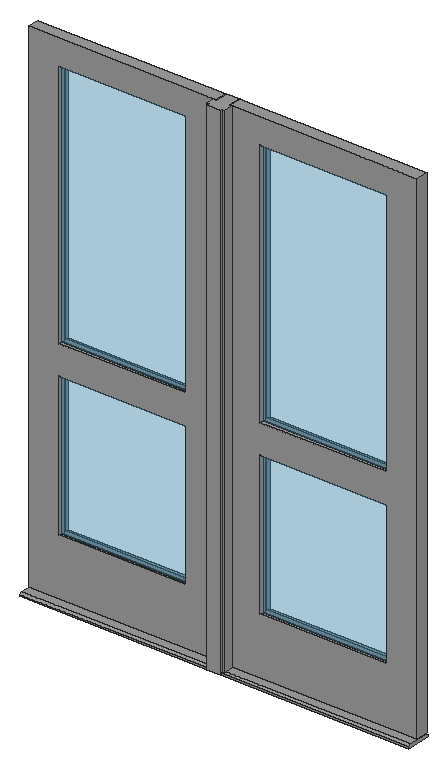
Revit family "WS-500TC-DOOR-Double-1-PD-CJB-SF_v04", category Curtain Panels, Revit 2015
Parameters
  Width [instance] = 6' - 2"
  URL = "obe.com"
  Rough Width [instance] = 6' - 0"
  Offset [instance] = 0' - 0"
  Model = "WS-500TC DOOR"
  Min Panel Width [instance] = if(Rough Width > 6' 2 1/2", Rough Width, 6' 2 1/2")  # 6' - 2 1/2"
  Manufacturer = "Oldcastle BuildingEnvelope®"
  Keynote = "08 11 00"
  Height [instance] = 8' - 0"
  Pushbar Height [instance] = 3' - 5 1/4"  # constant formula
  Glass Material = Glass
  Frame Material = Aluminum
  Door Panel Height [instance] = Height + 0' 0 23/32"  # 8' - 0 23/32"
  Description = "WS-500TC 1 Door Infill"
  Assembly Code = "B2030"
  Analytic Construction = "<None>"
  8 Muntin [instance] = not([4 Muntin])  # no
  4 Muntin [instance] = yes
  8 Bottom Rail [instance] = no
  10 Bottom Rail [instance] = not([8 Bottom Rail])  # yes
Reference planes (in)
  plane 1 "Front": y = 0
  plane 2: z = 0
  plane 3 "Center (Left/Right)": x = 0
  plane 4 "Left": x = -37
  plane 5 "Right": x = 37
  plane 6 "Top": z = 96
  plane 7: x = -37.25
  plane 8: x = 37.25
Text (in)
  text "Exterior" at (-54.29358, 31.38743, 0), in view "Ref. Level"
  text "Exterior" at (480, 41.53993, 89.60405), in view "Right"
  text "Exterior" at (-240, 57.82419, 105.78864), in view "Left"
Dimensions and locks (in)
  equal spacing: plane 4 "Left", plane 3 "Center (Left/Right)", plane 5 "Right"
  "Width": plane 4 "Left" to plane 5 "Right"
  "Height": plane 6 "Top" to plane 2
  equal spacing: plane 7, plane 3 "Center (Left/Right)", plane 8
  "Min Panel Width": plane 7 to plane 8
  aligned and locked: level to plane 2
  aligned and locked: plane 3 "Center (Left/Right)" to nested 1
  aligned and locked: plane 1 "Front" to nested 1
Nested families (in)
  nested 1: "WS-500TC-DOOR-Double-1-CJB-Panel_v03" at (0, -15, 0), Frame Material <- "Frame Material", Glass Material <- "Glass Material", 4 Muntin <- "4 Muntin", 8 Muntin <- "8 Muntin", 8 Bottom Rail <- "8 Bottom Rail", Width <- "Min Panel Width", Height <- "Door Panel Height", Offset <- "Offset", type "WS-500TC-DOOR-Double-1-CJB-Panel_v03"
    with Wing Width 3' - 1 1/4", built-in parameter 1001301 6' - 2 1/2", Pushbar Height 3' - 5 1/4", Offset 0' - 0", built-in parameter 1001300 8' - 0 23/32", Glass at Muntin 0' - 4 9/16", Glass Material Glass, Frame Material Aluminum, Bottom Rail 0' - 10 29/32", 8 Muntin no, 8 Bottom Rail no, 4 Muntin yes, 10 Bottom Rail yes
Definition of nested family "WS-500TC-DOOR-Double-1-CJB-Panel_v03"
  Parameters (values of type "WS-500TC-DOOR-Double-1-CJB-Panel_v03")
    Wing Width [instance] = Width / 2  # 3' - 0"
    Width [instance] = 6' - 0"
    Pushbar Height [instance] = 3' - 5 1/4"  # constant formula
    Offset [instance] = 0' - 10.82539"
    Height [instance] = 8' - 0"
    Glass at Muntin [instance] = if([4 Muntin], 0' 4 9/16", 0' 8 9/16")  # 0' - 8 9/16"
    Glass Material [instance] = none
    Frame Material [instance] = none
    Bottom Rail [instance] = if([10 Bottom Rail], 0' 10 29/32", 0' 8 29/32")  # 0' - 8 29/32"
    8 Muntin [instance] = not([4 Muntin])  # yes
    10 Bottom Rail [instance] = not([8 Bottom Rail])  # no
    4 Muntin [instance] = no
    8 Bottom Rail [instance] = yes
  Reference planes (in)
    plane 1 "00": y = 3.04961
    plane 2: z = 0
    plane 3 "Center (Left/Right)": x = 0
    plane 4: z = 96
    plane 5: x = -36
    plane 6: x = 36
    plane 7 "Center (Front/Back)": y = 15
    plane 8 "Exterior": y = 3.54961
    plane 9: z = 48
    plane 10: z = 8.90625
    plane 11: z = 45.53125
    plane 12: z = 36.96875
    plane 13: z = 90.94129
    plane 14: z = 0
    plane 15: x = -30.31629
    plane 16: x = 30.31629
    plane 17 "Offset": y = 4.17461
    plane 18: z = 41.25
  Forms (in)
    Sweep 1, solid, material <- "Frame Material"
      path origin (0, 3.04961, 0) x (1, 0, 0) y (0, 0, 1)
        loop
          line (-35.65625, 96) -> (-1.25, 96)
      profile origin (-18.45312, 3.04961, 96) x (0, 0, 1) y (0, -1, 0)
        loop
          line (-0.71875, -1.12355) -> (-0.71875, 1.12745) -> (-5.46871, 1.12745) -> (-5.46871, 0.5) -> (-5.05871, 0.5) -> (-5.05871, -0.5) -> (-5.46871, -0.5) -> (-5.46871, -1.12355) -> (-0.71875, -1.12355)
    Sweep 2, solid, material <- "Frame Material"
      path origin (0, 3.04961, 0) x (1, 0, 0) y (0, 0, 1)
        loop
          line (-1.75, 0) -> (-35.65625, 0)
      profile origin (-18.70312, 3.04961, 0) x (0, 0, -1) y (0, -1, 0)
        loop
          line (-4.93343, -1.12355) -> (-0.68754, -1.12355) -> (-0.68754, 1.12745) -> (-4.93343, 1.12745) -> (-9.4375, 1.12745) -> (-9.4375, 0.5) -> (-8.90625, 0.5) -> (-8.90625, -0.5) -> (-9.4375, -0.5) -> (-9.4375, -1.12355) -> (-4.93343, -1.12355)
    Sweep 3, solid, material <- "Frame Material"
      path origin (0, 3.04961, 0) x (1, 0, 0) y (0, 0, 1)
        loop
          line (36, 95.28125) -> (36, 0.68754)
      profile origin (36, 3.04961, 47.9844) x (0, -1, 0) y (1, 0, 0)
        loop
          line (-1.12356, -0.34375) -> (-1.12356, -6.09371) -> (-0.5, -6.09371) -> (-0.5, -5.68371) -> (0.5, -5.68371) -> (0.5, -6.09371) -> (1.12745, -6.09371) -> (1.12745, -0.34375) -> (-1.12356, -0.34375)
    Sweep 4, solid, material <- "Frame Material"
      path origin (0, 3.04961, 0) x (1, 0, 0) y (0, 0, 1)
        loop
          line (-36, 95.28125) -> (-36, 0.68754)
      profile origin (-36, 3.04961, 47.9844) x (0, -1, 0) y (1, 0, 0)
        loop
          line (-1.12355, 6.09371) -> (-1.12355, 0.34375) -> (1.12747, 0.34375) -> (1.12747, 6.09371) -> (0.50002, 6.09371) -> (0.50002, 5.68371) -> (-0.49998, 5.68371) -> (-0.49998, 6.09371) -> (-1.12355, 6.09371)
    Sweep 5, solid, material <- "Frame Material"
      path origin (0, 3.04961, 0) x (1, 0, 0) y (0, 0, 1)
        loop
          line (-6.68396, 48) -> (-30.31629, 48)
      profile origin (-18.50012, 3.04961, 48) x (0, 0, -1) y (0, -1, 0)
        loop
          line (1.93679, -0.5) -> (1.93679, -1.12355) -> (11.43671, -1.12355) -> (11.43671, -0.5) -> (11.03125, -0.5) -> (11.03125, 0.5) -> (11.43671, 0.5) -> (11.43671, 1.12745) -> (1.93679, 1.12745) -> (1.93679, 0.5) -> (2.46875, 0.5) -> (2.46875, -0.5) -> (1.93679, -0.5)
    Sweep 6, solid, material <- "Frame Material"
      path origin (0, 3.04961, 0) x (1, 0, 0) y (0, 0, 1)
        loop
          line (0, 95.28125) -> (0, 0.68754)
      profile origin (0, 3.04961, 47.9844) x (0, -1, 0) y (1, 0, 0)
        loop
          line (-1.12355, -7.09396) -> (-0.49913, -7.09396) -> (-0.49913, -6.68396) -> (0.50087, -6.68396) -> (0.50087, -7.09396) -> (1.12745, -7.09396) -> (1.12745, -1.25) -> (-1.12355, -1.25) -> (-1.12355, -7.09396)
        loop
          line (1.12778, 7.09396) -> (0.5, 7.09396) -> (0.5, 6.68396) -> (-0.5, 6.68396) -> (-0.5, 7.09396) -> (-1.12356, 7.09396) -> (-1.12356, 1.25) -> (1.12778, 1.25) -> (1.12778, 7.09396)
    Sweep 7, solid, material <- "Frame Material"
      path origin (0, 3.04961, 0) x (1, 0, 0) y (0, 0, 1)
        loop
          line (1.25, 96) -> (35.65625, 96)
      profile origin (18.45313, 3.04961, 96) x (0, 0, 1) y (0, -1, 0)
        loop
          line (-0.71875, -1.12355) -> (-0.71875, 1.12745) -> (-3.83589, 1.12745) -> (-5.46871, 1.12745) -> (-5.46871, 0.5) -> (-5.05871, 0.5) -> (-5.05871, -0.5) -> (-5.46871, -0.5) -> (-5.46871, -1.12355) -> (-3.83589, -1.12355) -> (-0.71875, -1.12355)
    Sweep 8, solid, material <- "Frame Material"
      path origin (0, 3.04961, 0) x (1, 0, 0) y (0, 0, 1)
        loop
          line (30.31629, 48) -> (6.68396, 48)
      profile origin (18.50013, 3.04961, 48) x (0, 0, -1) y (0, -1, 0)
        loop
          line (1.93679, -0.5) -> (1.93679, -1.12355) -> (11.43671, -1.12355) -> (11.43671, -0.5) -> (11.03125, -0.5) -> (11.03125, 0.5) -> (11.43671, 0.5) -> (11.43671, 1.12745) -> (1.93679, 1.12745) -> (1.93679, 0.5) -> (2.46875, 0.5) -> (2.46875, -0.5) -> (1.93679, -0.5)
    Sweep 9, solid, material <- "Frame Material"
      path origin (0, 3.04961, 0) x (1, 0, 0) y (0, 0, 1)
        loop
          line (35.65625, 0) -> (1.75, 0)
      profile origin (18.70313, 3.04961, 0) x (0, 0, -1) y (0, -1, 0)
        loop
          line (-3.49593, -1.12355) -> (-0.68754, -1.12355) -> (-0.68754, 1.12745) -> (-9.4375, 1.12745) -> (-9.4375, 0.5) -> (-8.90625, 0.5) -> (-8.90625, -0.5) -> (-9.4375, -0.5) -> (-9.4375, -1.12355) -> (-3.49593, -1.12355)
    Extrusion 10, solid, material <- "Glass Material", detail levels coarse
      sketch origin (0, 0, 0) x (1, 0, 0) y (0, 1, 0)
        loop
          line (6.68396, 3.54961) -> (6.68396, 2.54961) -> (30.31629, 2.54961) -> (30.31629, 3.54961) -> (6.68396, 3.54961)
      from 36.96875 to 8.90625
    Extrusion 11, solid, material <- "Glass Material", detail levels medium+fine
      sketch origin (0, 0, 0) x (1, 0, 0) y (0, 1, 0)
        loop
          line (6.68396, 2.54961) -> (30.31629, 2.54961) -> (30.31629, 2.79761) -> (6.68396, 2.79761) -> (6.68396, 2.54961)
        loop
          line (30.31629, 3.54961) -> (6.68396, 3.54961) -> (6.68396, 3.30161) -> (30.31629, 3.30161) -> (30.31629, 3.54961)
      from 8.90625 to 36.96875
    Extrusion 12, solid, material <- "Glass Material", detail levels medium+fine
      sketch origin (0, 0, 0) x (1, 0, 0) y (0, 1, 0)
        loop
          line (6.68396, 3.54961) -> (6.68396, 3.30161) -> (30.31629, 3.30161) -> (30.31629, 3.54961) -> (6.68396, 3.54961)
        loop
          line (30.31629, 2.54961) -> (30.31629, 2.79761) -> (6.68396, 2.79761) -> (6.68396, 2.54961) -> (30.31629, 2.54961)
      from 45.53125 to 90.94129
    Extrusion 13, solid, material <- "Glass Material", detail levels coarse
      sketch origin (0, 0, 0) x (1, 0, 0) y (0, 1, 0)
        loop
          line (6.68396, 3.54961) -> (6.68396, 2.54961) -> (30.31629, 2.54961) -> (30.31629, 3.54961) -> (6.68396, 3.54961)
      from 45.53125 to 90.94129
    Extrusion 14, solid, material <- "Glass Material", detail levels medium+fine
      sketch origin (0, 0, 0) x (1, 0, 0) y (0, 1, 0)
        loop
          line (-30.31629, 2.54961) -> (-6.68396, 2.54961) -> (-6.68396, 2.79761) -> (-30.31629, 2.79761) -> (-30.31629, 2.54961)
        loop
          line (-6.68396, 3.54961) -> (-30.31629, 3.54961) -> (-30.31629, 3.30161) -> (-6.68396, 3.30161) -> (-6.68396, 3.54961)
      from 8.90625 to 36.96875
    Extrusion 15, solid, material <- "Glass Material", detail levels coarse
      sketch origin (0, 0, 0) x (1, 0, 0) y (0, 1, 0)
        loop
          line (-30.31629, 3.54961) -> (-30.31629, 2.54961) -> (-6.68396, 2.54961) -> (-6.68396, 3.54961) -> (-30.31629, 3.54961)
      from 45.53125 to 90.94129
    Extrusion 16, solid, material <- "Glass Material", detail levels coarse
      sketch origin (0, 0, 0) x (1, 0, 0) y (0, 1, 0)
        loop
          line (-30.31629, 3.54961) -> (-30.31629, 2.54961) -> (-6.68396, 2.54961) -> (-6.68396, 3.54961) -> (-30.31629, 3.54961)
      from 8.90625 to 36.96875
    Extrusion 17, solid, material <- "Glass Material", detail levels medium+fine
      sketch origin (0, 0, 0) x (1, 0, 0) y (0, 1, 0)
        loop
          line (-30.31629, 3.54961) -> (-30.31629, 3.30161) -> (-6.68396, 3.30161) -> (-6.68396, 3.54961) -> (-30.31629, 3.54961)
        loop
          line (-30.31629, 2.79761) -> (-30.31629, 2.54961) -> (-6.68396, 2.54961) -> (-6.68396, 2.79761) -> (-30.31629, 2.79761)
      from 45.53125 to 90.94129
    Sweep 18, solid, material <- "Frame Material"
      path origin (-19, 3.04961, 0) x (1, 0, 0) y (0, 0, 1)
        loop
          line (19, 95.28125) -> (19, 0)
      profile origin (0, 3.04961, 47.64062) x (0, -1, 0) y (1, 0, 0)
        loop
          line (3.25145, 1.25) -> (2.83945, 1.25) -> (2.83945, 1.75) -> (1.12745, 1.75) -> (1.12745, 1.25) -> (-1.24855, 1.25) -> (-1.24855, -1.25) -> (1.12745, -1.25) -> (1.12745, -1.75) -> (2.83945, -1.75) -> (2.83945, -1.25) -> (3.25145, -1.25) -> (3.25145, 1.25)
    Sweep 19, solid, material <- "Frame Material"
      path origin (0, 4.17461, 0) x (1, 0, 0) y (0, 0, 1)
        loop
          line (-1.25, 0) -> (-35.65625, 0)
      profile origin (-18.45312, 4.17461, 0) x (0, 0, -1) y (0, -1, 0)
        loop
          line (-0.49954, 3.75746) -> (-0.49954, 0.25744) -> (-0.24955, -0.24255) -> (0, -0.24255) -> (0, 4.25745) -> (-0.24955, 4.25745) -> (-0.49954, 3.75746)
    Sweep 20, solid, material <- "Frame Material"
      path origin (0, 4.17461, 0) x (1, 0, 0) y (0, 0, 1)
        loop
          line (35.65625, 0) -> (1.25, 0)
      profile origin (18.45313, 4.17461, 0) x (0, 0, -1) y (0, -1, 0)
        loop
          line (-0.49954, 3.75746) -> (-0.49954, 0.25744) -> (-0.24955, -0.24255) -> (0, -0.24255) -> (0, 4.25745) -> (-0.24955, 4.25745) -> (-0.49954, 3.75746)
  Cuts and joins
    joined: Sweep 1, Sweep 2, Sweep 3, Sweep 4, Sweep 5, Sweep 6, Sweep 7, Sweep 8, Sweep 9
    joined: Sweep 18, Sweep 19, Sweep 20
  Lines and regions (in)
    model lines
      curve 1: line (7.09396, 3.54961, 90.53129) -> (29.91108, 3.54961, 48)
      curve 2: line (29.91108, 3.54961, 48) -> (7.09396, 3.54961, 9.4375)
      curve 3: line (-7.09396, 3.54961, 90.54626) -> (-29.91108, 3.54961, 48)
      curve 4: line (-29.91108, 3.54961, 48) -> (-7.09396, 3.54961, 9.4375)
  Dimensions and locks (in)
    "Height": plane 4 to level
    equal spacing: plane 5, plane 3 "Center (Left/Right)", plane 6
    "Offset": plane 17 "Offset" to plane 7 "Center (Front/Back)"
    plane 1 "00" to plane 8 "Exterior" to plane 17 "Offset" = 0' - 0 1/2" locked, 0' - 0 5/8" locked
    equal spacing: level, plane 9, plane 4
    locked: plane 3 "Center (Left/Right)" to Sweep 2 sketch curve at 1.75
    locked: Sweep 3 sketch curve to plane 4 at 0.71875
    locked: Sweep 4 sketch curve to plane 4 at 0.71875
    locked: plane 3 "Center (Left/Right)" to Sweep 1 sketch curve at 1.25
    locked: plane 3 "Center (Left/Right)" to Sweep 5 sketch curve at 6.68396
    locked: Sweep 7 sketch curve to plane 3 "Center (Left/Right)" at 1.25
    locked: Sweep 8 sketch curve to plane 3 "Center (Left/Right)" at 6.68396
    locked: Sweep 9 sketch curve to plane 3 "Center (Left/Right)" at 1.75
    locked: Sweep 6 sketch curve to plane 4 at 0.71875
    plane 12 to Sweep 8 sketch curve = 0' - 0.40546"  (x2)
    Sweep 8 sketch curve to plane 11 = 0' - 0.53196"  (x2)
    locked: Sweep 9 sketch curve to plane 10 at 0.53125  (x2)
    locked: Sweep 2 sketch curve to plane 10 at 0.53125  (x2)
    locked: Sweep 5 sketch curve to plane 11 at 0.53196  (x2)
    locked: plane 12 to Sweep 5 sketch curve at 0.40546  (x2)
    equal spacing: plane 4, plane 9, plane 14
    plane 4 to plane 13 = 0' - 5.05871"
    Extrusion 14 sketch curve to Extrusion 14 sketch curve to plane 1 "00" to Extrusion 14 sketch curve to Extrusion 14 sketch curve = 0' - 0.248" locked, 0' - 0.252" locked, 0' - 0.252" locked, 0' - 0.248" locked
    Extrusion 16 sketch curve to plane 1 "00" to Extrusion 16 sketch curve = 0' - 0 1/2" locked, 0' - 0 1/2" locked
    Extrusion 17 sketch curve to Extrusion 17 sketch curve to plane 1 "00" to Extrusion 17 sketch curve to Extrusion 17 sketch curve = 0' - 0.248" locked, 0' - 0.252" locked, 0' - 0.252" locked, 0' - 0.248" locked
    Extrusion 15 sketch curve to plane 1 "00" to Extrusion 15 sketch curve = 0' - 0 1/2" locked, 0' - 0 1/2" locked
    Extrusion 13 sketch curve to plane 1 "00" to Extrusion 13 sketch curve = 0' - 0 1/2" locked, 0' - 0 1/2" locked
    Extrusion 12 sketch curve to Extrusion 12 sketch curve to plane 1 "00" to Extrusion 12 sketch curve to Extrusion 12 sketch curve = 0' - 0.248" locked, 0' - 0.252" locked, 0' - 0.252" locked, 0' - 0.248" locked
    Extrusion 11 sketch curve to Extrusion 11 sketch curve to plane 1 "00" to Extrusion 11 sketch curve to Extrusion 11 sketch curve = 0' - 0.248" locked, 0' - 0.252" locked, 0' - 0.252" locked, 0' - 0.248" locked
    Extrusion 10 sketch curve to plane 1 "00" to Extrusion 10 sketch curve = 0' - 0 1/2" locked, 0' - 0 1/2" locked
    "Bottom Rail": plane 10 to plane 14
    "Glass at Muntin": plane 11 to plane 12
    locked: plane 5 to plane 15 at 5.68371
    locked: plane 16 to plane 6 at 5.68371
    "Width": plane 5 to plane 6
    locked: Sweep 1 sketch curve to plane 5 at 0.34375
    locked: plane 6 to Sweep 7 sketch curve at 0.34375
    locked: plane 6 to Sweep 9 sketch curve at 0.34375
    locked: Sweep 2 sketch curve to plane 5 at 0.34375
    locked: plane 4 to Sweep 18 sketch curve at 0.71875
    equal spacing: plane 11, plane 18, plane 12
    "Pushbar Height": plane 18 to plane 14
    locked: Sweep 19 sketch curve to plane 5 at 0.34375
    locked: plane 3 "Center (Left/Right)" to Sweep 19 sketch curve at 1.25
    locked: plane 6 to Sweep 20 sketch curve at 0.34375
    locked: Sweep 20 sketch curve to plane 3 "Center (Left/Right)" at 1.25
    locked: plane 14 to Sweep 3 sketch curve at 0.68754
    locked: plane 14 to Sweep 6 sketch curve at 0.68754
    locked: plane 14 to Sweep 4 sketch curve at 0.68754
    aligned and locked: plane 2 to level
    aligned and locked: Sweep 1 sketch curve to plane 4
    aligned and locked: Sweep 2 sketch curve to level
    aligned and locked: Sweep 5 sketch curve to plane 9
    aligned and locked: plane 3 "Center (Left/Right)" to Sweep 6 sketch curve
    aligned and locked: Sweep 9 sketch curve to level
    aligned and locked: Sweep 8 sketch curve to plane 9
    aligned and locked: plane 4 to Sweep 7 sketch curve
    aligned and locked: Sweep 8 sketch curve to plane 11
    aligned and locked: plane 12 to Sweep 8 sketch curve
    aligned and locked: plane 10 to cut or joined group of Sweep 1, Sweep 2, Sweep 3, Sweep 4, Sweep 5, Sweep 6, Sweep 7, Sweep 8, Sweep 9
    aligned and locked: Extrusion 14 to plane 10
    aligned and locked: plane 12 to Extrusion 14
    aligned and locked: Extrusion 15 to plane 11
    aligned and locked: plane 13 to Extrusion 15
    aligned and locked: Extrusion 17 to plane 11
    aligned and locked: plane 13 to Extrusion 17
    aligned and locked: Extrusion 16 to plane 10
    aligned and locked: plane 12 to Extrusion 16
    aligned and locked: Extrusion 12 to plane 11
    aligned and locked: plane 11 to cut or joined group of Sweep 1, Sweep 2, Sweep 3, Sweep 4, Sweep 5, Sweep 6, Sweep 7, Sweep 8, Sweep 9
    aligned and locked: cut or joined group of Sweep 1, Sweep 2, Sweep 3, Sweep 4, Sweep 5, Sweep 6, Sweep 7, Sweep 8, Sweep 9 to plane 13
    aligned and locked: plane 13 to Extrusion 12
    aligned and locked: plane 13 to Extrusion 13
    aligned and locked: Extrusion 13 to plane 11
    aligned and locked: plane 12 to Extrusion 10
    aligned and locked: plane 12 to Extrusion 11
    aligned and locked: Extrusion 11 to plane 10
    aligned and locked: Extrusion 10 to plane 10
    aligned and locked: Sweep 7 sketch curve to plane 13
    aligned and locked: plane 11 to Sweep 5 sketch curve
    aligned and locked: Sweep 5 sketch curve to plane 12
    aligned and locked: plane 10 to Sweep 2 sketch curve
    aligned and locked: Sweep 1 sketch curve to plane 13
    aligned and locked: plane 9 to curve 4
    aligned and locked: Extrusion 17 sketch curve to plane 15  (x2)
    aligned and locked: Extrusion 15 sketch curve to plane 15
    aligned and locked: Extrusion 13 sketch curve to plane 16
    aligned and locked: Extrusion 12 sketch curve to plane 16  (x2)
    aligned and locked: Sweep 3 sketch curve to plane 6
    aligned and locked: Sweep 4 sketch curve to plane 5
    aligned and locked: Extrusion 16 to plane 15
    aligned and locked: Extrusion 14 to plane 15  (x2)
    aligned and locked: plane 16 to Extrusion 11  (x2)
    aligned and locked: plane 16 to Extrusion 10
    aligned and locked: plane 15 to Sweep 5 sketch curve
    aligned and locked: plane 16 to Sweep 8 sketch curve
    aligned and locked: plane 9 to curve 2
    aligned and locked: Sweep 18 sketch curve to plane 3 "Center (Left/Right)"
    aligned and locked: Sweep 19 sketch curve to plane 14
    aligned and locked: Sweep 20 sketch curve to plane 14
  Automatic sketch dimensions
    Sweep 1 sketch curve to Sweep 1 sketch curve = 0' - 0.41"  (x2)
    profile plane to Sweep 1 sketch curve = 0' - 0 23/32"
    Sweep 1 sketch curve to plane 1 "00" = 0' - 1.12355"
    Sweep 1 sketch curve to plane 1 "00" = 0' - 0 1/2"
    plane 1 "00" to Sweep 1 sketch curve = 0' - 0 1/2"
    plane 1 "00" to Sweep 1 sketch curve = 0' - 1.12745"
    Sweep 2 sketch curve to plane 1 "00" = 0' - 1.12355"
    Sweep 2 sketch curve to Sweep 2 sketch curve = 0' - 3.97282"
    Sweep 2 sketch curve to Sweep 2 sketch curve = 0' - 0"
    Sweep 2 sketch curve to plane 1 "00" = 0' - 0 1/2"
    plane 1 "00" to Sweep 2 sketch curve = 0' - 0 1/2"
    plane 1 "00" to Sweep 2 sketch curve = 0' - 1.12745"
    Sweep 5 sketch curve to plane 1 "00" = 0' - 1.12355"
    Sweep 5 sketch curve to plane 1 "00" = 0' - 0 1/2"  (x2)
    plane 1 "00" to Sweep 5 sketch curve = 0' - 0 1/2"  (x2)
    Sweep 5 sketch curve to Sweep 5 sketch curve = 0' - 0.62745"
    Sweep 7 sketch curve to Sweep 7 sketch curve = 0' - 0.41"  (x2)
    Sweep 7 sketch curve to Sweep 7 sketch curve = 0' - 1.22282"  (x2)
    profile plane to Sweep 7 sketch curve = 0' - 0 23/32"
    Sweep 7 sketch curve to plane 1 "00" = 0' - 1.12355"
    Sweep 7 sketch curve to plane 1 "00" = 0' - 0 1/2"
    plane 1 "00" to Sweep 7 sketch curve = 0' - 0 1/2"
    plane 1 "00" to Sweep 7 sketch curve = 0' - 1.12745"
    Sweep 8 sketch curve to plane 1 "00" = 0' - 1.12355"
    Sweep 8 sketch curve to plane 1 "00" = 0' - 0 1/2"  (x2)
    plane 1 "00" to Sweep 8 sketch curve = 0' - 0 1/2"  (x2)
    Sweep 8 sketch curve to Sweep 8 sketch curve = 0' - 0.62745"
    Sweep 9 sketch curve to Sweep 9 sketch curve = 0' - 0 17/32"
    Sweep 9 sketch curve to plane 1 "00" = 0' - 1.12355"
    profile plane to Sweep 9 sketch curve = 0' - 3.49593"
    Sweep 9 sketch curve to plane 1 "00" = 0' - 0 1/2"
    plane 1 "00" to Sweep 9 sketch curve = 0' - 0 1/2"
    Sweep 9 sketch curve to Sweep 9 sketch curve = 0' - 0.62745"
    Extrusion 10 sketch curve to plane 16 = 0' - 0"
    Extrusion 11 sketch curve to plane 16 = 0' - 0"  (x2)
    Extrusion 14 sketch curve to plane 15 = 0' - 0"  (x2)
    Extrusion 16 sketch curve to plane 15 = 0' - 0"
    plane 15 to curve 3 = 0' - 0.40521"
    curve 2 to plane 16 = 0' - 0.40521"
    plane 10 to curve 4 = 0' - 0 17/32"
    plane 10 to curve 2 = 0' - 0 17/32"
    curve 1 to plane 13 = 0' - 0.41"
    curve 3 to plane 13 = 0' - 0.39503"
    Sweep 18 sketch curve to level = 0' - 0"
    Sweep 18 sketch curve to plane 1 "00" = 0' - 1.24855"
    plane 1 "00" to Sweep 18 sketch curve = 0' - 1.12745"  (x2)
    Sweep 18 sketch curve to Sweep 18 sketch curve = 0' - 1.712"  (x2)
    Sweep 18 sketch curve to Sweep 18 sketch curve = 0' - 0.412"
    profile plane to Sweep 18 sketch curve = 0' - 1 3/4"
    Sweep 18 sketch curve to Sweep 18 sketch curve = 0' - 0 1/2"  (x2)
    profile plane to Sweep 18 sketch curve = 0' - 1 1/4"
    Sweep 18 sketch curve to profile plane = 0' - 1 1/4"  (x2)
    Sweep 6 sketch curve to plane 1 "00" = 0' - 1.12356"
    Sweep 6 sketch curve to plane 1 "00" = 0' - 1.12355"
    Sweep 6 sketch curve to plane 1 "00" = 0' - 0 1/2"
    Sweep 6 sketch curve to plane 1 "00" = 0' - 0.49913"
    plane 1 "00" to Sweep 6 sketch curve = 0' - 0 1/2"
    plane 1 "00" to Sweep 6 sketch curve = 0' - 0.50087"
    plane 1 "00" to Sweep 6 sketch curve = 0' - 1.12745"
    Sweep 6 sketch curve to Sweep 6 sketch curve = 0' - 0.62778"
    profile plane to Sweep 6 sketch curve = 0' - 7.09396"
    Sweep 6 sketch curve to Sweep 6 sketch curve = 0' - 0"
    Sweep 6 sketch curve to Sweep 6 sketch curve = 0' - 0.41"  (x3)
    profile plane to Sweep 6 sketch curve = 0' - 1 1/4"
    Sweep 6 sketch curve to profile plane = 0' - 1 1/4"
    Sweep 6 sketch curve to Sweep 6 sketch curve = 0' - 5.43396"
    curve 3 to plane 3 "Center (Left/Right)" = 0' - 7.09396"
    curve 4 to plane 3 "Center (Left/Right)" = 0' - 7.09396"
    plane 3 "Center (Left/Right)" to curve 2 = 0' - 7.09396"
    plane 3 "Center (Left/Right)" to curve 1 = 0' - 7.09396"
    Extrusion 16 sketch curve to plane 3 "Center (Left/Right)" = 0' - 6.68396"
    Extrusion 15 sketch curve to plane 3 "Center (Left/Right)" = 0' - 6.68396"
    Extrusion 17 sketch curve to Extrusion 17 sketch curve = 0' - 0"
    Extrusion 17 sketch curve to plane 3 "Center (Left/Right)" = 0' - 6.68396"
    Extrusion 12 sketch curve to Extrusion 12 sketch curve = 0' - 0"
    plane 3 "Center (Left/Right)" to Extrusion 12 sketch curve = 0' - 6.68396"
    Extrusion 14 sketch curve to Extrusion 14 sketch curve = 0' - 0"
    Extrusion 14 sketch curve to plane 3 "Center (Left/Right)" = 0' - 6.68396"
    Extrusion 11 sketch curve to Extrusion 11 sketch curve = 0' - 0"
    plane 3 "Center (Left/Right)" to Extrusion 11 sketch curve = 0' - 6.68396"
    plane 3 "Center (Left/Right)" to Extrusion 10 sketch curve = 0' - 6.68396"
    Sweep 4 sketch curve to plane 1 "00" = 0' - 1.12355"
    Sweep 4 sketch curve to plane 1 "00" = 0' - 0 1/2"
    plane 1 "00" to Sweep 4 sketch curve = 0' - 0 1/2"
    Sweep 4 sketch curve to Sweep 4 sketch curve = 0' - 0.62745"
    Sweep 4 sketch curve to profile plane = 0' - 0 11/32"
    Sweep 4 sketch curve to Sweep 4 sketch curve = 0' - 5.33996"
    Sweep 4 sketch curve to Sweep 4 sketch curve = 0' - 0.41"  (x2)
    Sweep 3 sketch curve to plane 1 "00" = 0' - 1.12356"
    Sweep 3 sketch curve to plane 1 "00" = 0' - 0 1/2"
    plane 1 "00" to Sweep 3 sketch curve = 0' - 0 1/2"
    Sweep 3 sketch curve to Sweep 3 sketch curve = 0' - 0.62745"
    profile plane to Sweep 3 sketch curve = 0' - 6.09371"
    Sweep 3 sketch curve to Sweep 3 sketch curve = 0' - 0"
    Sweep 3 sketch curve to Sweep 3 sketch curve = 0' - 0.41"
    profile plane to Sweep 3 sketch curve = 0' - 0 11/32"
    profile plane to Sweep 9 sketch curve = 0' - 0.68754"
    profile plane to Sweep 2 sketch curve = 0' - 0.68754"
    profile plane to Sweep 19 sketch curve = 0' - 0.49954"
    plane 17 "Offset" to Sweep 19 sketch curve = 0' - 3.75746"
    profile plane to Sweep 19 sketch curve = 0' - 0.24955"  (x2)
    plane 17 "Offset" to Sweep 19 sketch curve = 0' - 0.25744"
    Sweep 19 sketch curve to plane 17 "Offset" = 0' - 0.24255"
    Sweep 19 sketch curve to Sweep 19 sketch curve = 0' - 0 1/2"
    Sweep 19 sketch curve to profile plane = 0' - 0"
    profile plane to Sweep 20 sketch curve = 0' - 0.49954"
    plane 17 "Offset" to Sweep 20 sketch curve = 0' - 3.75746"
    profile plane to Sweep 20 sketch curve = 0' - 0.24955"  (x2)
    plane 17 "Offset" to Sweep 20 sketch curve = 0' - 0.25744"
    Sweep 20 sketch curve to Sweep 20 sketch curve = 0' - 0 1/2"
    Sweep 20 sketch curve to plane 17 "Offset" = 0' - 0.24255"
    Sweep 20 sketch curve to profile plane = 0' - 0"
    plane 3 "Center (Left/Right)" to Extrusion 13 sketch curve = 0' - 6.68396"
